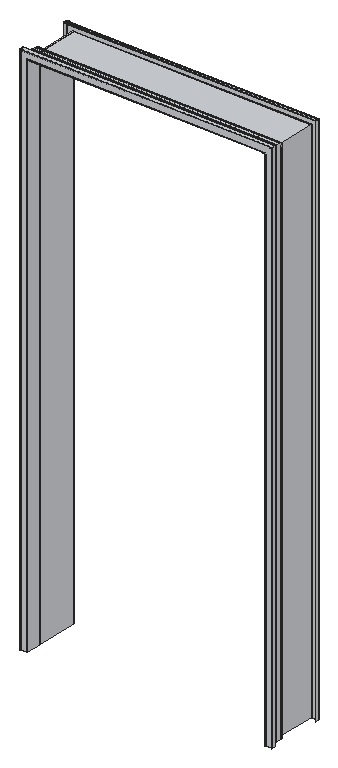
Revit family "BOS-Durchgangszarge-wD_Familie", category Türen, Revit 2017
Family settings
  Basisbauteil = Wand
  Immer vertikal = Ja
  Beim Laden mit Abzugskörper schneiden = Nein
  Gemeinsam genutzt = Nein
  Raumberechnungspunkt = Ja
Parameters (values of type "wD")
  RRH Rohbau_Richtmaß_Höhe   Structural Wall Opening Height Measurement [instance] = LDH Lichte Durchgangs Höhe + Einfügepunkt  # 2115 mm
  RRB Rohbau_Richtmaß_Breite   Structural Wall Opening Width Measurement [instance] = LDB Lichte Durchgangs Breite + (2 * Einfügepunkt)  # 980 mm
  Wandstärke   Wall Thickness [instance] = 200 mm
  LDH Lichte_Durchgangs_Höhe   Clearance Height [instance] = 2093 mm
  LDH Lichte Durchgangs Höhe [instance] = if(LDH Lichte_Durchgangs_Höhe   Clearance Height < LDH min., LDH min., if(LDH Lichte_Durchgangs_Höhe   Clearance Height > LDH max., LDH max., LDH Lichte_Durchgangs_Höhe   Clearance Height))  # 2093 mm
  LDB Lichte_Durchgangs_Breite   Clearance Width [instance] = 936 mm
  LDB Lichte Durchgangs Breite [instance] = if(LDB Lichte_Durchgangs_Breite   Clearance Width < LDB min., LDB min., if(LDB Lichte_Durchgangs_Breite   Clearance Width > LDB max., LDB max., LDB Lichte_Durchgangs_Breite   Clearance Width))  # 936 mm
  URL = "www.BestOfSteel.de/stahlzargen/weitere-loesungen/durchgangszargen/"
  Spiegel vorne   Architrave Front [instance] = 30 mm
  Spiegel vorne [instance] = if(Spiegel vorne   Architrave Front < 30 mm, 30 mm, if(Spiegel vorne   Architrave Front > 80 mm, 80 mm, Spiegel vorne   Architrave Front))  # 30 mm
  Spiegel hinten   Architrave Back [instance] = 30 mm
  Spiegel hinten [instance] = if(Spiegel hinten   Architrave Back < 30 mm, 30 mm, if(Spiegel hinten   Architrave Back > 80 mm, 80 mm, Spiegel hinten   Architrave Back))  # 30 mm
  Rough Height = 0 mm  # constant formula
  Rough Width = 0 mm  # constant formula
  Rechtliche Hinweise [instance] = "www.BestOfSteel.de/tools-downloads/bim-building-information-modeling/"
  Putzwinkel vorne = 15 mm  # constant formula
  Putzwinkel hinten = 15 mm  # constant formula
  wD = yes
  Modell = "wD"
  Material - Zarge = none
  Material = "grundiert, feuerverzinktes Feinblech nach DIN EN 10143"
  MW min. = 75 mm  # constant formula
  MW max. = GT max. - Putzwinkel vorne - Putzwinkel hinten  # 620 mm
  MW Maulweite   Receiving Opening [instance] = if(Wandstärke   Wall Thickness < MW min., MW min., if(Wandstärke   Wall Thickness > MW max., MW max., Wandstärke   Wall Thickness))  # 200 mm
  Information in English = no
  Info-Texte sichtbar = yes
  Height [instance] = RRH Rohbau_Richtmaß_Höhe   Structural Wall Opening Height Measurement  # 2115 mm
  Hersteller = "BOS GmbH Best Of Steel, Lütkenfelde 4, D-48282 Emsdetten"
  GT min. = MW min. + Putzwinkel vorne + Putzwinkel hinten  # 105 mm
  GT max. = 650 mm  # constant formula
  GT Gesamttiefe_Zarge   Total Profile Depth [instance] = MW Maulweite   Receiving Opening + Putzwinkel vorne + Putzwinkel hinten  # 230 mm
  MW Fehler [instance] = or(Wandstärke   Wall Thickness < MW min., Wandstärke   Wall Thickness > MW max.)  # no
  Funktion = Innen
  LDH min. = 1593 mm  # constant formula
  LDH max. = 2843 mm  # constant formula
  LDB min. = 561 mm  # constant formula
  LDB max. = 1311 mm  # constant formula
  Einfügepunkt = 22 mm  # constant formula
  Dicke = 0 mm  # constant formula
  Width = 0 mm  # constant formula
  Beschreibung = "2-schalige Durchgangszarge wandumfassend"
  Bauelement = "BOS Stahlzarge"
  BOS-Architekten-Beratung = "Tel.: +49 (0) 2572 203-203, Fax -209; E-Mail: architekten@BestOfSteel.de"
  BE Bodeneinstand   Foundation Bedding [instance] = 0 mm
  BE Bodeneinstand [instance] = if(BE Bodeneinstand   Foundation Bedding < 0 mm, 0 mm, if(BE Bodeneinstand   Foundation Bedding > BE max., BE max., BE Bodeneinstand   Foundation Bedding))  # 0 mm
  BE max. = 100 mm  # constant formula
  Allgemeine Informationen zu Stahlzargen = "www.BestOfSteel.de/tools-downloads/technische-infos-rund-um-die-stahlzarge/"
Reference planes
  plane 1 "Wand": y = 0
  plane 2 "Mitte (Links/rechts)": x = 125
  plane 3 "Hinten": y = 100
  plane 4 "Vorne": y = -100
  plane 5 "RRB links": x = -365
  plane 6 "RRB rechts": x = 615
  plane 7 "RNH oben": z = 2115
  plane 8 "BE": z = 0
  plane 9 "LDB oben": z = 2093
  plane 10 "BE max.": z = -100
  plane 11 "LDB links": x = -343
  plane 12 "LDB rechts": x = 593
Forms (mm)
  Sweep 1, solid, material <- "Material - Zarge", visible <- "wD", detail levels medium+fine
    path origin (0, -100, 0) x (-1, 0, 0) y (0, 0, 1)
      loop
        line (365, 0) -> (365, 2115) -> (-615, 2115) -> (-615, 0)
    profile "BOS-wD_Profil : BOS-wD_Profil" origin (-365, -100, 1057.5) x (1, 0, 0) y (0, 1, 0)
      loop
        line (11.5, 50) -> (10, 50)
        arc (10, 50) -> (9.293, 49.707) -> (9, 49) r 1
        line (9, 49) -> (9, 47.5)
        arc (9, 47.5) -> (9.732, 49.268) -> (11.5, 50) r 2.5
      loop
        line (11.5, 48.5) -> (19.5, 48.5)
        arc (19.5, 48.5) -> (20.207, 48.207) -> (20.5, 47.5) r 1
        line (20.5, 47.5) -> (20.5, -12.5)
        arc (20.5, -12.5) -> (20.207, -13.207) -> (19.5, -13.5) r 1
        line (19.5, -13.5) -> (-5.5, -13.5)
        arc (-5.5, -13.5) -> (-6.207, -13.207) -> (-6.5, -12.5) r 1
        line (-6.5, -12.5) -> (-6.5, 0) -> (-8, 0) -> (-8, -12.5)
        arc (-8, -12.5) -> (-7.268, -14.268) -> (-5.5, -15) r 2.5
        line (-5.5, -15) -> (19.5, -15)
        arc (19.5, -15) -> (21.268, -14.268) -> (22, -12.5) r 2.5
        line (22, -12.5) -> (22, 47.5)
        arc (22, 47.5) -> (21.268, 49.268) -> (19.5, 50) r 2.5
        arc (19.5, 50) -> (21.268, 50.732) -> (22, 52.5) r 2.5
        line (22, 52.5) -> (22, 212.5)
        arc (22, 212.5) -> (21.268, 214.268) -> (19.5, 215) r 2.5
        line (19.5, 215) -> (-5.5, 215)
        arc (-5.5, 215) -> (-7.268, 214.268) -> (-8, 212.5) r 2.5
        line (-8, 212.5) -> (-8, 200) -> (-6.5, 200) -> (-6.5, 212.5)
        arc (-6.5, 212.5) -> (-6.207, 213.207) -> (-5.5, 213.5) r 1
        line (-5.5, 213.5) -> (19.5, 213.5)
        arc (19.5, 213.5) -> (20.207, 213.207) -> (20.5, 212.5) r 1
        line (20.5, 212.5) -> (20.5, 52.5)
        arc (20.5, 52.5) -> (20.207, 51.793) -> (19.5, 51.5) r 1
        line (19.5, 51.5) -> (10, 51.5)
        arc (10, 51.5) -> (8.232, 50.768) -> (7.5, 49) r 2.5
        line (7.5, 49) -> (7.5, 27.5) -> (9, 27.5) -> (9, 40) -> (10.5, 40) -> (10.5, 47.5)
        arc (10.5, 47.5) -> (10.793, 48.207) -> (11.5, 48.5) r 1
Lines and regions (mm)
  Opening 1
    outline origin (-5000, -100, 0) x (1, 0, 0) y (0, 0, 1)
      loop
        line (5615, 0) -> (5615, 2115) -> (4635, 2115) -> (4635, 0) -> (5615, 0)
  reference lines
    curve 1: line (65, 650, 0) -> (185, 650, 0)
    curve 2: line (65, -650, 0) -> (185, -650, 0)
    curve 3: line (1115, 100, 0) -> (1115, -100, 0)
Text (mm)
  text "Außen     " at (-1696.17, 830.944, 0), in view "Ref.-Ebene"
  text "Außen" at (0, 1409.804, 2854.306), in view "Links"
  text "Placement side" at (0, 499.811, 2980.732), in view "Rechts"
Dimensions and locks
  locked: plane 3 "Hinten" to host wall
  locked: host wall to plane 4 "Vorne" at 0
  level to plane 7 "RNH oben" = 2115 mm
  equal spacing: plane 5 "RRB links", plane 2 "Mitte (Links/rechts)", plane 6 "RRB rechts"
  "BE Bodeneinstand": plane 8 "BE" to level
  "Wandstärke   Wall Thickness": host wall to host wall
  "LDH Lichte Durchgangs Höhe": plane 9 "LDB oben" to level
  "RRH Rohbau_Richtmaß_Höhe   Structural Wall Opening Height Measurement": plane 7 "RNH oben" to level
  "RRB Rohbau_Richtmaß_Breite   Structural Wall Opening Width Measurement": plane 5 "RRB links" to plane 6 "RRB rechts"
  curve 2 to plane 4 "Vorne" to plane 3 "Hinten" to curve 1 = 550 mm, 200 mm, 550 mm
  "BE max.": level to plane 10 "BE max."
  equal spacing: plane 11 "LDB links", plane 2 "Mitte (Links/rechts)", plane 12 "LDB rechts"
  "LDB Lichte Durchgangs Breite": plane 11 "LDB links" to plane 12 "LDB rechts"
  plane 6 "RRB rechts" to curve 3 = 500 mm
  aligned and locked: plane 1 "Wand" to host wall
  aligned and locked: plane 6 "RRB rechts" to nested 1
  aligned and locked: nested 1 to plane 4 "Vorne"
  aligned and locked: host wall to nested 2
  aligned and locked: nested 2 to curve 3
  aligned and locked: plane 2 "Mitte (Links/rechts)" to nested 3
  aligned and locked: curve 2 to nested 3
  aligned and locked: plane 5 "RRB links" to nested 5
  aligned and locked: nested 5 to plane 4 "Vorne"
  aligned and locked: plane 6 "RRB rechts" to nested 6
  aligned and locked: nested 6 to plane 6 "RRB rechts"
  aligned and locked: plane 4 "Vorne" to nested 6
  aligned and locked: nested 5 to nested 4
  aligned and locked: nested 4 to nested 5
  aligned and locked: plane 2 "Mitte (Links/rechts)" to nested 7
  aligned and locked: curve 1 to nested 7
Automatic sketch dimensions
  Opening 1 sketch curve to level = 0 mm
  Opening 1 sketch curve to plane 5 "RRB links" = 0 mm
  Opening 1 sketch curve to plane 6 "RRB rechts" = 0 mm
  Opening 1 sketch curve to plane 7 "RNH oben" = 0 mm
  Sweep 1 sketch curve to plane 6 "RRB rechts" = 0 mm
  Sweep 1 sketch curve to plane 5 "RRB links" = 0 mm
  Sweep 1 sketch curve to plane 8 "BE" = 0 mm  (x2)
  Sweep 1 sketch curve to plane 7 "RNH oben" = 0 mm
  host wall to curve 3 = 0 mm
  curve 3 to host wall = 0 mm
  curve 2 to plane 2 "Mitte (Links/rechts)" = 60 mm
  curve 1 to plane 2 "Mitte (Links/rechts)" = 60 mm
  plane 2 "Mitte (Links/rechts)" to curve 2 = 60 mm
  plane 2 "Mitte (Links/rechts)" to curve 1 = 60 mm
Nested families
  nested 1: "BOS-BOS_Modell" at (615, -100, 1050), type "BOS-BOS_Modell", not visible
  nested 2: "BOS-Info-Texte_Beschriftung" at (1115, -0.955, 0), visible <- "MW Fehler", type "Maulweite Fehlermeldung"
  nested 3: "BOS-Info-Texte_Beschriftung" at (125, -650.955, 0), visible <- "Info-Texte sichtbar", type "Rechtliche Hinweise"
  nested 4: "BOS-Logo_Modell" at (-357.5, 107.5, 0), type "BOS-Logo_Modell", detail levels fine
  nested 5: "BOS-Verkröpfter-Flachstahlanker_Detail" at (-365, -100, 0), type "BOS-Verkröpfter-Flachstahlanker_Detail", detail levels fine
  nested 6: "BOS-Verkröpfter-Flachstahlanker_Detail" at (615, -100, 0) x (-1, 0, 0) z (0, 0, 1), type "BOS-Verkröpfter-Flachstahlanker_Detail", detail levels fine
  nested 7: "BOS-Info-Texte_Beschriftung" at (125, 649.045, 0), visible <- "Info-Texte sichtbar", type "Technische Hinweise 2"
Definition of nested family "BOS-BOS_Modell"
  Parameters (values of type "BOS-BOS_Modell")
    Abstand = 22 mm
  Reference planes
    plane 1 "Mitte (Vorne/hinten)": y = 0
    plane 2: z = 0
    plane 3 "Mitte (Links/rechts)": x = 0
    plane 4 "BOS": x = -22
  Dimensions and locks
    "Abstand": plane 4 "BOS" to plane 3 "Mitte (Links/rechts)"
    aligned and locked: level to plane 2
    aligned and locked: plane 1 "Mitte (Vorne/hinten)" to text3d elem
    aligned and locked: text3d elem to level
Definition of nested family "BOS-Info-Texte_Beschriftung"
  Parameters (values of type "Technische Hinweise 2")
    Info-Text En = "Due to manufacturing reasons this Revit family may not be changed\r\nwithout consulting BOS!\r\n\r\nThe solid and stud walls or, for example, their profiles,\r\nmust be designed so that they can reliably and sustainably\r\nabsorb the static and dynamic forces resulting\r\nfrom the load on the door element used."
    Englisch = no
    Info-Text De = "Diese Revit-Familie darf aus fertigungstechnischen Gründen\r\nnicht ohne Rücksprache mit BOS abgeändert werden!\r\n\r\nDie Massiv- und Ständerwerkswände bzw. deren Profile\r\nmüssen so ausgebildet sein, dass sie die statischen\r\nund dynamischen Kräfte, welche sich aus der Belastung\r\nder verwendeten Türelements ergeben, zuverlässig\r\nund nachhaltig aufnehmen können."
    Warndreieck = no
    Fehlerkreis = no
    Deutsch = not(Englisch)  # yes
    Ausrufezeichen = "!"
  Types (14, lengths in mm): name | Info-Text En | Info-Text De | Fehlerkreis
    Technische Hinweise MW | "Due to manufacturing reasons this Revit family may not be changed\r\nwithout consulting BOS!\r\n\r\nDo not mirror frames (door list)!\r\nsee ‘Features’: DIN left / DIN right" | "Diese Revit-Familie darf aus fertigungstechnischen Gründen\r\nnicht ohne Rücksprache mit BOS abgeändert werden!\r\n\r\nZargen nicht spiegeln (Türliste)!\r\nsiehe 'Eigenschaften': DIN links / DIN rechts" | no
    Rechtliche Hinweise | "In accordance with the protection note according to DIN 34, the ownership and copyrights are reserved!\r\n© 2016 BOS GmbH, Emsdetten, Germany -\r\nObserve the ISO 16016 protective label (see ID data)!\r\n\r\nSubject to technical change!" | "Entsprechend dem Schutzvermerk nach DIN 34 behalten wir uns Eigentum und Urheberrecht vor!\r\n© 2016 BOS GmbH, Emsdetten, Deutschland -\r\nSchutzvermerk ISO 16016 beachten (siehe ID-Daten)!\r\n\r\nTechnische Änderungen vorbehalten!" | no
    Maulweite Fehlermeldung | "Check the wall thickness!" | "Wandstärke prüfen!" | yes
    Technische Hinweise STW | "Due to manufacturing reasons this Revit family may not be changed\r\nwithout consulting BOS!\r\n\r\nDo not mirror frames (door list)!\r\nsee ‘Features’: DIN left / DIN right\r\n\r\nUA-profile (according to DIN 18182) to be provided on-site,\r\naccording to static calculation" | "Diese Revit-Familie darf aus fertigungstechnischen Gründen\r\nnicht ohne Rücksprache mit BOS abgeändert werden!\r\n\r\nZargen nicht spiegeln (Türliste)!\r\nsiehe 'Eigenschaften': DIN links / DIN rechts\r\n\r\nUA-Profil (gem. DIN 18182) bauseits,\r\nnach statischer Berechnung" | no
    Rohbaumaß Warnung | "For DIN door leaves, select larger structural wall measurements!" | "Bei DIN-Türblatt Rohbaumaße größer wählen!" | no
    Verstellbereich wkBud | "Adjustment area from -5 to +15mm,\r\nother adjustment areas possible" | "Verstellbereich von -5 bis +15mm\r\nanderer Verstellbereich möglich" | no
    Verstellbereich wSvdW | "Adjustment area in the soffit from -2 to +15mm,\r\nother adjustment areas possible" | "Verstellbereich in der Zargenleibung von -2 bis +15mm\r\nanderer Verstellbereich möglich" | no
    Technische Hinweise MW Norm | "Due to manufacturing reasons this Revit family may not be changed\r\nwithout consulting BOS!" | "Diese Revit-Familie darf aus fertigungstechnischen Gründen\r\nnicht ohne Rücksprache mit BOS abgeändert werden!" | no
    Technische Hinweise STW Norm | "Due to manufacturing reasons this Revit family may not be changed\r\nwithout consulting BOS!\r\n\r\nUA-profile (according to DIN 18182) to be provided on-site,\r\naccording to static calculation" | "Diese Revit-Familie darf aus fertigungstechnischen Gründen\r\nnicht ohne Rücksprache mit BOS abgeändert werden!\r\n\r\nUA-Profil (gem. DIN 18182) bauseits,\r\nnach statischer Berechnung" | no
    Maulweite Auswahl | "To adjust Receiving Opening see 'Features'" | "Anpassung von MW Maulweite unter 'Eigenschaften'" | no
    Technische Hinweise 15Nz15Z | "Due to manufacturing reasons this Revit family may not be changed\r\nwithout consulting BOS!\r\n\r\nDo not mirror frames (door list)!\r\nsee ‘Features’: DIN left / DIN right\r\n\r\nAttention for stud walls:\r\nno standard structural wall measurement, take the underlay into account!\r\nFor selection \"stud walls\":\r\nsee 'Features' (remove tick for brick walls)\r\n\r\nUA-profile (according to DIN 18182) to be provided on-site,\r\naccording to static calculation" | "Diese Revit-Familie darf aus fertigungstechnischen Gründen\r\nnicht ohne Rücksprache mit BOS abgeändert werden!\r\n\r\nZargen nicht spiegeln (Türliste)!\r\nsiehe 'Eigenschaften': DIN links / DIN rechts\r\n\r\nAchtung bei Ständerwerk:\r\nkein Standard-Rohbaumaß, Unterfütterung beachten!\r\nFür Auswahl \"Ständerwerk\": \r\nsiehe 'Eigenschaften' (Häkchen entfernen bei Mauerwerk)\r\n\r\nUA-Profil (gem. DIN 18182) bauseits, nach statischer Berechnung" | no
    Technische Hinweise MW-STW | "Due to manufacturing reasons this Revit family may not be changed\r\nwithout consulting BOS!\r\n\r\nDo not mirror frames (door list)!\r\nsee ‘Features’: DIN left / DIN right\r\n\r\nAttention for stud walls:\r\nUA-profile (according to DIN 18182) to be provided on-site,\r\naccording to static calculation\r\n\r\nAttention for brickwork:\r\nFor DIN door leaves, select larger structural wall measurements!" | "Diese Revit-Familie darf aus fertigungstechnischen Gründen\r\nnicht ohne Rücksprache mit BOS abgeändert werden!\r\n\r\nZargen nicht spiegeln (Türliste)!\r\nsiehe 'Eigenschaften': DIN links / DIN rechts\r\n\r\nAchtung bei Ständerwerk:\r\nUA-Profil (gem. DIN 18182) bauseits, nach statischer Berechnung\r\n\r\nAchtung bei Mauerwerk:\r\nBei DIN-Türblatt Rohbaumaße größer wählen!" | no
    Technische Hinweise | "Due to manufacturing reasons this Revit family may not be changed\r\nwithout consulting BOS!\r\n\r\nDo not mirror frames (door list)!\r\nsee ‘Features’: DIN left / DIN right\r\n\r\nThe solid and stud walls or, for example, their profiles,\r\nmust be designed so that they can reliably and sustainably\r\nabsorb the static and dynamic forces resulting\r\nfrom the load on the door element used." | "Diese Revit-Familie darf aus fertigungstechnischen Gründen\r\nnicht ohne Rücksprache mit BOS abgeändert werden!\r\n\r\nZargen nicht spiegeln (Türliste)!\r\nsiehe 'Eigenschaften': DIN links / DIN rechts\r\n\r\nDie Massiv- und Ständerwerkswände bzw. deren Profile\r\nmüssen so ausgebildet sein, dass sie die statischen\r\nund dynamischen Kräfte, welche sich aus der Belastung\r\nder verwendeten Türelements ergeben, zuverlässig\r\nund nachhaltig aufnehmen können." | no
    Technische Hinweise 2 | "Due to manufacturing reasons this Revit family may not be changed\r\nwithout consulting BOS!\r\n\r\nThe solid and stud walls or, for example, their profiles,\r\nmust be designed so that they can reliably and sustainably\r\nabsorb the static and dynamic forces resulting\r\nfrom the load on the door element used." | "Diese Revit-Familie darf aus fertigungstechnischen Gründen\r\nnicht ohne Rücksprache mit BOS abgeändert werden!\r\n\r\nDie Massiv- und Ständerwerkswände bzw. deren Profile\r\nmüssen so ausgebildet sein, dass sie die statischen\r\nund dynamischen Kräfte, welche sich aus der Belastung\r\nder verwendeten Türelements ergeben, zuverlässig\r\nund nachhaltig aufnehmen können." | no
  Reference planes
    plane 1: y = 0.955
    plane 2: x = 0
  Lines and regions (mm)
    Filled region 1, type "Gefüllter Bereich Gelb", visible <- "Warndreieck"
      outline origin (-7.188, 1.747, 0) x (1, 0, 0) y (0, 1, 0)
        loop
          line (5.951, -3.033) -> (8.413, -3.033) -> (7.182, -0.9) -> (5.951, -3.033)
    Filled region 2, type "Gefüllter Bereich Rot", visible <- "Fehlerkreis"
      outline origin (0, -3.763, 0) x (1, 0, 0) y (0, 1, 0)
        loop
          circle (0, 3.1) r 1.5
        loop
          line (-0.937, 3.486) -> (-0.937, 2.686) -> (1.023, 2.686) -> (1.023, 3.486) -> (-0.937, 3.486)
    Filled region 3, type "Gefüllter Bereich Weiss", visible <- "Fehlerkreis"
      outline origin (-7.014, -2.062, 0) x (1, 0, 0) y (0, 1, 0)
        loop
          line (6.077, 1.785) -> (6.077, 0.985) -> (8.038, 0.985) -> (8.038, 1.785) -> (6.077, 1.785)
  Text (mm)
    label "Info-Text De" at (0.065, 1.415, 0), shows "Info-Text De", visible <- "Deutsch"
    label "!" at (0.065, -0.414, 0), shows "Ausrufezeichen", visible <- "Warndreieck"
    label "Info-Text En" at (0.065, 1.415, 0), shows "Info-Text En", visible <- "Englisch"
  Dimensions and locks
    aligned and locked: Filled region 3 sketch curve to Filled region 2  (x4)
Definition of nested family "BOS-Logo_Modell"
  Parameters (values of type "BOS-Logo_Modell")
    URL = "www.BestOfSteel.de"
    Keynote = "BOS Logo"
  Reference planes
    plane 1 "Mitte (Vorne/hinten)": y = 0
    plane 2: z = 0
    plane 3 "Mitte (Links/rechts)": x = 0
    plane 4: x = -15
    plane 5: y = -10
    plane 6: x = -10.6
    plane 7: y = 6
    plane 8: y = -6
    plane 9: x = 10.6
    plane 10: x = -23.6
    plane 11: y = -18
    plane 12: x = 23.6
    plane 13: y = 18
    plane 14: y = 10
    plane 15: x = 15
  Dimensions and locks
    locked: plane 4 to plane 6 at 4.4
    locked: plane 8 to plane 5 at 4
    plane 13 to plane 7 = 12 mm
    plane 8 to plane 11 = 12 mm
    plane 9 to plane 12 = 13 mm
    plane 10 to plane 6 = 13 mm
    plane 7 to plane 14 = 4 mm
    plane 9 to plane 15 = 4.4 mm
    equal spacing: plane 10, plane 3 "Mitte (Links/rechts)", plane 12
    equal spacing: plane 11, plane 1 "Mitte (Vorne/hinten)", plane 13
    aligned and locked: level to plane 2
Definition of nested family "BOS-Verkröpfter-Flachstahlanker_Detail"
  Parameters (values of type "BOS-Verkröpfter-Flachstahlanker_Detail")
    Unterfütterungsstärke = 5 mm
    URL = "www.BestOfSteel.de"
    Putzwinkel vorne = 10 mm
    MW Maulweite = 200 mm
    Info-Flyer = "www.BestOfSteel.de/fileadmin/media/tools_downloads/info_flyer/"
    Manufacturer = "BOS GmbH Best Of Steel, Lütkenfelde 4, D-48282 Emsdetten"
    Einfügepunkt = 22 mm
    Blechstärke = 1.5 mm
    Description = "Verkröpfter Flachstahlanker mit Unterfütterung"
    Keynote = "BOS Detail"
    Ankerlänge vorne = 30 mm
  Reference planes
    plane 1: y = 0
    plane 2: z = 0
    plane 3: x = 0
    plane 4: y = 200
    plane 5: x = 22
    plane 6: y = -10
    plane 7: x = -100
    plane 8: x = 20.5
    plane 9: x = 5
    plane 10: y = -8.5
    plane 11: y = -7.5
    plane 12: y = 192.5
    plane 13: y = 197.5
    plane 14: y = 22.5
  Lines and regions (mm)
    detail lines, in view "Ref.-Ebene"
      curve 1: arc (17.5, 18.5, 0) -> (17.207, 19.207, 0) -> (16.5, 19.5, 0) r 1
      curve 2: arc (8, 23.5, 0) -> (8.293, 22.793, 0) -> (9, 22.5, 0) r 1
      curve 3: line (20.5, 18.5, 0) -> (20.5, -7.5, 0)
      curve 4: line (20.5, -7.5, 0) -> (17.5, -7.5, 0)
      curve 5: line (17.5, -7.5, 0) -> (17.5, 18.5, 0)
      curve 6: line (16.5, 19.5, 0) -> (9, 19.5, 0)
      curve 7: line (16.5, 22.5, 0) -> (9, 22.5, 0)
      curve 8: line (8, 23.5, 0) -> (8, 197.5, 0)
      curve 9: line (8, 197.5, 0) -> (5, 197.5, 0)
      curve 10: line (5, 197.5, 0) -> (5, 23.5, 0)
      curve 11: line (0, 192.5, 0) -> (5, 23.5, 0)
      curve 12: line (0, 23.5, 0) -> (5, 192.5, 0)
      curve 13: line (5, 192.5, 0) -> (0, 192.5, 0)
      curve 14: line (0, 23.5, 0) -> (5, 23.5, 0)
      curve 15: line (5, 23.5, 0) -> (5, 193.402, 0)
      curve 16: line (-100, 200, 0) -> (0, 200, 0)
      curve 17: line (0, 200, 0) -> (0, 0, 0)
      curve 18: line (0, 0, 0) -> (-100, 0, 0)
      curve 19: line (5, 23.5, 0) -> (5, 192.5, 0)
      curve 20: arc (5, 23.5, 0) -> (6.172, 20.672, 0) -> (9, 19.5, 0) r 4
      curve 21: arc (20.5, 18.5, 0) -> (19.328, 21.328, 0) -> (16.5, 22.5, 0) r 4
  Dimensions and locks
    "MW Maulweite": plane 4 to plane 1
    "Einfügepunkt": plane 3 to plane 5
    "Putzwinkel vorne": plane 1 to plane 6
    plane 7 to plane 3 = 100 mm
    "Blechstärke": plane 8 to plane 5
    "Unterfütterungsstärke": plane 3 to plane 9
    "Blechstärke": plane 10 to plane 6
    plane 11 to plane 10 = 1 mm
    plane 4 to plane 13 = 2.5 mm
    plane 12 to plane 13 = 5 mm
    "Ankerlänge vorne": plane 11 to plane 14
  Automatic sketch dimensions
    curve 9 to curve 8 = 3 mm
    curve 8 to curve 7 = 1.414 mm
    curve 1 to curve 5 = 26.019 mm  (x2)
    curve 10 to curve 8 = 3 mm  (x2)
    curve 2 to curve 2 = 1 mm  (x2)
    curve 4 to curve 5 = 26 mm  (x2)
    curve 2 to curve 9 = 174 mm
    curve 15 to curve 9 = 4.098 mm  (x2)
    plane 1 to curve 18 = 0 mm
    curve 18 to plane 7 = 0 mm
    curve 16 to plane 4 = 0 mm
    curve 16 to plane 7 = 0 mm
    curve 12 to plane 3 = 0 mm
    curve 13 to plane 12 = 0 mm
    curve 12 to plane 14 = 1 mm
    curve 2 to curve 1 = 8.5 mm
    curve 1 to curve 7 = 3 mm
    curve 1 to curve 4 = 26.019 mm
    curve 20 to curve 8 = 174.003 mm
    curve 1 to curve 21 = 0 mm  (x6)
    curve 2 to curve 20 = 0 mm  (x6)
    curve 15 to plane 9 = 0 mm
    plane 13 to curve 8 = 0 mm
    plane 14 to curve 2 = 0 mm
    curve 4 to plane 8 = 0 mm
    curve 3 to plane 11 = 0 mm
    curve 21 to curve 3 = 4 mm
    plane 9 to curve 8 = 3 mm
    plane 12 to curve 15 = 0.902 mm
